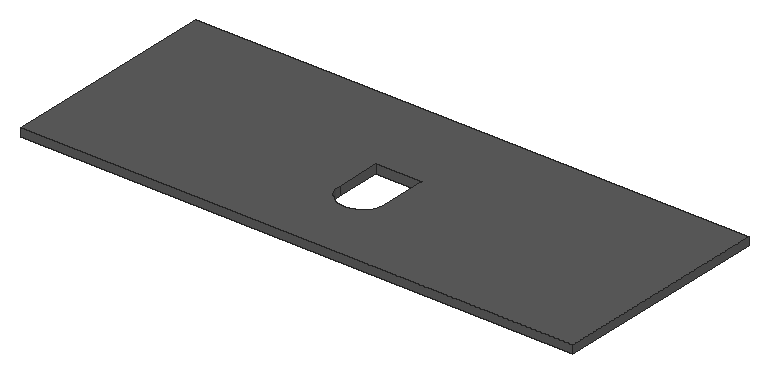
Revit family "Countertop-120cm-WoodenTopCounter-Middle-Vitra-OriginSeries-65930+65931+65932", category Furniture Systems, host Face, Revit 2017
Family settings
  Host = Face
  Round Connector Dimension = Use Diameter
  Part Type = Normal
  OmniClass Number = 23.40.00.00
  OmniClass Title = Equipment and Furnishings
  Cut with Voids When Loaded = No
  Shared = Yes
  Room Calculation Point = No
Parameters (values of type "Countertop-120cm-WithMiddleSyphonHole-Vitra-OriginSeries-65930")
  Youtube = "https://www.youtube.com/user/VitrAglobal"
  Weight Net (kg) = ""
  Warranty Period (Year) = "2"
  Uniformat II Description = "INTERIOR FINISHES"
  Uniformat II Code = "C30"
  Uniclass 2015 Name = "Counter tops"
  Uniclass 2015 Code = "Pr_40_30_30_18"
  Uniclass 2.0 Description = "Counter Tops"
  Uniclass 2.0 Code = "PR-35-12-18"
  Uniclass 1.4 Description = "Counters"
  Uniclass 1.4 Code = "L8571"
  URL = "https://vitraglobal.com/"
  UNSPSC Description = ""
  UNSPSC Code = ""
  Technical description = "https://www.vitraglobal.com/pdf/65930/"
  Tap hole Options (default) = ""
  Specification = ""
  Region South America = "All"
  Region Oceania = "All"
  Region North America = "All"
  Region Middle East = "All"
  Region Europe = "All"
  Region Asia = "All"
  Region Antarctica = "All"
  Region Africa = "All"
  Product url = "https://www.vitraglobal.com/bathroom-furniture/counters/standard-workbenches/origin-wooden-top-counter-sku-65930/"
  Product manual = ""
  Product group = "Counters - Standard Workbenches - Wooden Top counter\r\n>"
  Product family = "Origin"
  Product data url = ""
  Product certification = "https://www.vitraglobal.com/brochures/"
  Product SKU = "65930"
  Product Guid = "https://www.vitraglobal.com/uyeIslem/fileDownload.aspx?udkEnc=am0tlFD6UK4U1/M7b0kdwotQi32+V5oqwHFxXdfjtnnG1wEcUvBaq7f06NAGLvphP8D2+RIqyfHEMws4h+8CYA==&lang=en-US"
  Primary Material = PatternedBlackOak
  OmniClass Description = "Casework Component Work Surfaces"
  OmniClass Code = "23-21 19 17"
  Nominal Width (mm) = 1205 mm
  Nominal Height (mm) = 18 mm
  Nominal Depth (mm) = 480 mm
  NBS Referans Description = "Counter Tops"
  NBS Referans Code = "35-12-18"
  Mounting type = "Top Counter"
  Model = "65930"
  Masterformat 2014 Description = "Countertops"
  Masterformat 2014 Code = "12 36 00"
  Manufacturer name = "VitrA"
  Manufacturer = "VitrA"
  Main Material = "Wooden"
  Installation instructions = "https://www.vitraglobal.com/uyeIslem/fileDownload.aspx?udkEnc=c6ulBRozq/0ExoC4m3nGZaY4GOZjHkMuGpVSCHfRk+Js8jDGXwa53qFp2xXV5uXmV8ntTkLNAl8biS9JiveJQg==&lang=en-US"
  IFC Classification = "Furnishing Element"
  EAN code = ""
  Design country = "Turkey"
  Description = "Origin Wooden Top counter - with middle syphon hole - 120cm -  Patterned Black Oak"
  Default Elevation = 850 mm
  Color = "PatternedBlackOak"
  COBIe Type Category = ""
  Brand = "VitrA"
  BIMobject category = "Countertops"
  Article No. (default) = "65930"
  Accessories (default) = ""
Types (3, lengths in mm): name | Technical description | Product url | Product SKU | Product Guid | Primary Material | Model | Installation instructions | Description | Color | Article No. (default)
  Countertop-120cm-WithMiddleSyphonHole-Vitra-OriginSeries-65930 | "https://www.vitraglobal.com/pdf/65930/" | "https://www.vitraglobal.com/bathroom-furniture/counters/standard-workbenches/origin-wooden-top-counter-sku-65930/" | "65930" | "https://www.vitraglobal.com/uyeIslem/fileDownload.aspx?udkEnc=am0tlFD6UK4U1/M7b0kdwotQi32+V5oqwHFxXdfjtnnG1wEcUvBaq7f06NAGLvphP8D2+RIqyfHEMws4h+8CYA==&lang=en-US" | PatternedBlackOak | "65930" | "https://www.vitraglobal.com/uyeIslem/fileDownload.aspx?udkEnc=c6ulBRozq/0ExoC4m3nGZaY4GOZjHkMuGpVSCHfRk+Js8jDGXwa53qFp2xXV5uXmV8ntTkLNAl8biS9JiveJQg==&lang=en-US" | "Origin Wooden Top counter - with middle syphon hole - 120cm -  Patterned Black Oak" | "PatternedBlackOak" | "65930"
  Countertop-120cm-WithMiddleSyphonHole-Vitra-OriginSeries-65931 | "https://www.vitraglobal.com/pdf/65931/" | "https://www.vitraglobal.com/bathroom-furniture/counters/standard-workbenches/origin-wooden-top-counter-sku-65931/" | "65931" | "https://www.vitraglobal.com/uyeIslem/fileDownload.aspx?udkEnc=AEIYS1pUCCgVLBnfBJZQ/JSwrvnWk3TWJfIrBdeEI1FLl1CrvpB8GC+qL6mmsmWjW3kQMv0h9cLIqQKi4x2veg==&lang=en-US" | Elm | "65931" | "https://www.vitraglobal.com/uyeIslem/fileDownload.aspx?udkEnc=TU2jJji/GlDc5zf/bdCGbzucLZjjIAIAqeYOdKsIkzH0E7qprJljkZdOizeqoq7nUC3nh/kbJJ4n7XstHvQjMQ==&lang=en-US" | "Origin Wooden Top counter - with Middle syphon hole - 120cm - Elm" | "Elm" | "65931"
  Countertop-120cm-WithMiddleSyphonHole-Vitra-OriginSeries-65932 | "https://www.vitraglobal.com/pdf/65932/" | "https://www.vitraglobal.com/bathroom-furniture/counters/standard-workbenches/origin-wooden-top-counter-sku-65932/" | "65932" | "https://www.vitraglobal.com/uyeIslem/fileDownload.aspx?udkEnc=h+0RznFwx7hr3Qdvg8f3ZIeu7dFsAuSEBC+Gh4vR347C6iVrgIbpQzHLUHPkKU6iZ8cfyQZBTWp54WWioLeDwA==&lang=en-US" | Flat Oak | "65932" | "https://www.vitraglobal.com/uyeIslem/fileDownload.aspx?udkEnc=nymlEB2UZF7tq/arIEkC8HXnpkLpgXlE7RxgGKCoJo94+SCNJFPbEY/AE5MZMwLWL50QatOyCrfPg1fcoL2HoA==&lang=en-US" | "Origin Wooden Top counter - with middle syphon hole - 120cm - Flat Oak" | "Flat Oak" | "65932"
Reference planes
  plane 1 "Center (Front/Back)": y = 0
  plane 2: z = 0
  plane 3 "Center (Left/Right)": x = -8.77
  plane 4: y = 240
  plane 5: y = -240
  plane 6: z = -832
  plane 7: z = 18
  plane 8: x = 602.5
  plane 9: x = -602.5
Forms (mm)
  Extrusion 1, solid, detail levels coarse
    sketch origin (0, 0, 0) x (1, 0, 0) y (0, 1, 0)
      loop
        line (602.5, 240) -> (-602.5, 240) -> (-602.5, -240) -> (602.5, -240) -> (602.5, 240)
    from 0 to 18
  Extrusion 2, solid, material "PatternedBlackOak" <- "Primary Material", detail levels medium+fine
    sketch origin (0, 0, 0) x (-1, 0, 0) y (0, -1, 0)
      loop
        line (602.5, -240) -> (602.5, 240) -> (-602.5, 240) -> (-602.5, -240) -> (602.5, -240)
      loop
        line (50, -40) -> (50, 60)
        arc (50, 60) -> (0, 110) -> (-50, 60) r 50
        line (-50, 60) -> (-50, -40) -> (50, -40)
    from 0 to 18
Dimensions and locks
  "Nominal Depth (mm)": plane 4 to plane 5
  plane 7 to plane 6 = 850 mm
  "Nominal Height (mm)": plane 7 to host face
  "Nominal Width (mm)": plane 9 to plane 8
  aligned and locked: plane 2 to host face
  aligned and locked: level to host face
Automatic sketch dimensions
  host sketch curve to host sketch curve = 2438.4 mm  (x2)
  Extrusion 1 sketch curve to plane 4 = 0 mm
  Extrusion 1 sketch curve to plane 9 = 0 mm
  Extrusion 1 sketch curve to plane 5 = 0 mm
  Extrusion 1 sketch curve to plane 8 = 0 mm
  Extrusion 2 sketch curve to plane 4 = 0 mm
  Extrusion 2 sketch curve to plane 5 = 0 mm
  plane 8 to Extrusion 2 sketch curve = 0 mm
  plane 1 "Center (Front/Back)" to Extrusion 2 sketch curve = 60 mm
  plane 8 to Extrusion 2 sketch curve = 552.5 mm
  Extrusion 2 sketch curve to Extrusion 2 sketch curve = 50 mm
  plane 9 to Extrusion 2 sketch curve = 0 mm
  Extrusion 2 sketch curve to plane 1 "Center (Front/Back)" = 40 mm
